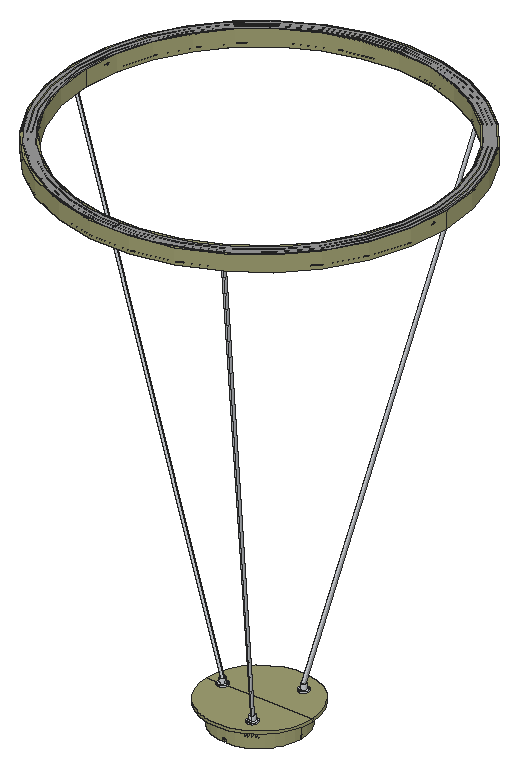
Revit family "_VRD__Vicky_Ring_Downward_ 50W_3000K_BR", category Lighting Fixtures, host Face, Revit 2022
Family settings
  Host = Face
  Round Connector Dimension = Use Diameter
  Part Type = Normal
  Cut with Voids When Loaded = No
  Light Source = Yes
  Maintain Annotation Orientation = No
  Shared = No
  Room Calculation Point = No
Parameters (values of type "VRD_50W_3000K_BR")
  Wattage Comments = "50W"
  Wattage = 28.6114 W
  built-in parameter 1150110 = 1 (stored number, unit not read)
  Voltage = "120-277 V"  # constant formula
  URL = "https://www.abovealllighting.com/product/LED-INDOOR-FIXTURE/Ring/VRDVickyRingDownwardLight.html"
  Type Comments = "Vicky Ring Downward Light"  # constant formula
  built-in parameter 1114217 = 1 (stored number, unit not read)
  Tilt Angle = -90.00°
  built-in parameter 1150109 = 1 (stored number, unit not read)
  built-in parameter 1150134 = (empty or 0)
  built-in parameter 1150113 = 1 (stored number, unit not read)
  Power Factor = 1
  Photometric Web File = "VRD-5035-30901.ies"
  Order number = "16312"
  Model = "VRD-5035-30901-ACPMK-BR"
  Manufacturer = "Above All Lighting"  # constant formula
  built-in parameter 1150105 = 338.2 (stored number, unit not read)
  Lumens = 4250 lm
  built-in parameter 1150115 = 1 (stored number, unit not read)
  Load Classification = Lighting
  built-in parameter 1150137 = (empty or 0)
  built-in parameter 1150139 = (empty or 0)
  built-in parameter 1150112 = 1 (stored number, unit not read)
  built-in parameter 1150114 = 1 (stored number, unit not read)
  Inside Body Material = none
  Inside Body = no
  Inner Diameter = (Fixture Diameter / 2) - 0' 1 77/256"  # 1' - 4 51/128"
  built-in parameter 1150132 = 2
  built-in parameter 1150102 = (empty or 0)
  built-in parameter 1150107 = 3000 (stored number, unit not read)
  built-in parameter 1150138 = (empty or 0)
  built-in parameter 1150106 = 3.382 (stored number, unit not read)
  IP Rating = "20"  # constant formula
  H2 = Fixture Height - Canopy Height - 0' 0 67/128"  # 3' - 9 61/128"
  H1 = sqrt((B2 ^ 2) + (H2 ^ 2))  # 3' - 11.5839"
  Fixture Width = 0' - 0"
  Fixture Height = 4' - 0"  # constant formula
  Fixture Diameter = 2' - 11 51/128"
  Finish/Color = Aluminum
  built-in parameter 1150104 = 13.8 (stored number, unit not read)
  Dimming Lamp Color Temperature Shift = <None>
  Dimming / Control = "0-10V"  # constant formula
  Description = "The Vicky Ring light is a unique ring-style light with an LED light source illuminating downward"  # constant formula
  Default Elevation = 0' - 0"
  D2 = D1 - 0' 1 1/2"  # 0' - 3 1/2"
  D1 = 0' - 5"
  Color Filter = 16777215
  Canopy Height = 0' - 2"
  CRI = "90"  # constant formula
  built-in parameter 1114218 = 1 (stored number, unit not read)
  B2 = B1 - B  # 1' - 2 1/256"
  B1 = (Fixture Diameter / 2) - 0' 0 25/128"  # 1' - 5 129/256"
  B = D1 - 0' 1 1/2"  # 0' - 3 1/2"
  Average life based on 77F(HRS) = "50000"  # constant formula
  built-in parameter 1150133 = 10 (stored number, unit not read)
  Apparent Load = 62.5 VA
Reference planes (in)
  plane 1 "Center (Front/Back)": y = 0
  plane 2: z = 0
  plane 3 "Center (Left/Right)": x = 0
  plane 4: z = 48
  plane 5: z = 2
  plane 6: x = -3.5
  plane 7: x = -17.50391
  plane 8: z = 49.5
  plane 9: y = -17.50391
  plane 10: y = 17.50391
  plane 11: y = 3.5
  plane 12: y = -3.5
  plane 13: through (0, 0, 48) normal (0.866, 0.5, 0)
  plane 14: through (3.45221, -5.9794, 48) normal (-0.5, 0.866, 0)
Forms (in)
  Revolve 1, solid, material "Aluminum" <- "Finish/Color"
    sketch origin (0, 0, 0) x (1, 0, 0) y (0, 0, 1)
      loop
        line (0, 2) -> (-5, 2) -> (-5, 1.75) -> (-4, 1.75) -> (-4, 0) -> (-3.5, 0) -> (-3.5, 1.75) -> (0, 1.75) -> (0, 2)
      axis (0, 2) -> (0, 0)
    angle from 0 to 360
  Extrusion 2, void
    sketch origin (0, 0, 0) x (1, 0, 0) y (0, 0, 1)
      loop
        line (1.54492, 0.93157) -> (1.65045, 0.93157)
        arc (1.65045, 0.93157) -> (1.66515, 0.93766) -> (1.67124, 0.95236) r 0.02079
        line (1.67124, 0.95236) -> (1.67124, 1.5478)
        arc (1.67124, 1.5478) -> (1.66528, 1.5622) -> (1.65088, 1.56816) r 0.02036
        line (1.65088, 1.56816) -> (1.5441, 1.56816)
        arc (1.5441, 1.56816) -> (1.53013, 1.56238) -> (1.52434, 1.5484) r 0.01976
        line (1.52434, 1.5484) -> (1.52434, 0.95215)
        arc (1.52434, 0.95215) -> (1.53037, 0.9376) -> (1.54492, 0.93157) r 0.02058
      loop
        line (1.79492, 0.93157) -> (1.90045, 0.93157)
        arc (1.90045, 0.93157) -> (1.91515, 0.93766) -> (1.92124, 0.95236) r 0.02079
        line (1.92124, 0.95236) -> (1.92124, 1.5478)
        arc (1.92124, 1.5478) -> (1.91528, 1.5622) -> (1.90088, 1.56816) r 0.02036
        line (1.90088, 1.56816) -> (1.7941, 1.56816)
        arc (1.7941, 1.56816) -> (1.78013, 1.56238) -> (1.77434, 1.5484) r 0.01976
        line (1.77434, 1.5484) -> (1.77434, 0.95215)
        arc (1.77434, 0.95215) -> (1.78037, 0.9376) -> (1.79492, 0.93157) r 0.02058
      loop
        line (2.04492, 0.93157) -> (2.15045, 0.93157)
        arc (2.15045, 0.93157) -> (2.16515, 0.93766) -> (2.17124, 0.95236) r 0.02079
        line (2.17124, 0.95236) -> (2.17124, 1.5478)
        arc (2.17124, 1.5478) -> (2.16528, 1.5622) -> (2.15088, 1.56816) r 0.02036
        line (2.15088, 1.56816) -> (2.0441, 1.56816)
        arc (2.0441, 1.56816) -> (2.03013, 1.56238) -> (2.02434, 1.5484) r 0.01976
        line (2.02434, 1.5484) -> (2.02434, 0.95215)
        arc (2.02434, 0.95215) -> (2.03037, 0.9376) -> (2.04492, 0.93157) r 0.02058
      loop
        line (2.29492, 0.93157) -> (2.40045, 0.93157)
        arc (2.40045, 0.93157) -> (2.41515, 0.93766) -> (2.42124, 0.95236) r 0.02079
        line (2.42124, 0.95236) -> (2.42124, 1.5478)
        arc (2.42124, 1.5478) -> (2.41528, 1.5622) -> (2.40088, 1.56816) r 0.02036
        line (2.40088, 1.56816) -> (2.2941, 1.56816)
        arc (2.2941, 1.56816) -> (2.28013, 1.56238) -> (2.27434, 1.5484) r 0.01976
        line (2.27434, 1.5484) -> (2.27434, 0.95215)
        arc (2.27434, 0.95215) -> (2.28037, 0.9376) -> (2.29492, 0.93157) r 0.02058
    from 0 to 20.83856
  Extrusion 3, void
    sketch origin (0, 0, 0) x (1, 0, 0) y (0, 0, 1)
      loop
        line (0, 0) -> (0.08323, 0) -> (0.08323, 0.26156) -> (0.08323, 0.35543) -> (-0.30219, 0.35543) -> (-0.30219, 0.23813) -> (-0.08323, 0.23813) -> (-0.08323, 0) -> (0, 0)
    from -19.89805 to 22.49483
  Extrusion 4, void
    sketch origin (2.25749, -0.20497, 0) x (0.008711, -0.999962, 0) y (0, 0, 1)
      loop
        line (0, 0) -> (0.08323, 0) -> (0.08323, 0.26156) -> (0.08323, 0.35543) -> (-0.30219, 0.35543) -> (-0.30219, 0.23813) -> (-0.08323, 0.23813) -> (-0.08323, 0) -> (0, 0)
    from -18.61827 to 21.80579
  Revolve 5, solid, material "Default New Material"
    sketch origin (0, 0, 0.00171) x (0, 1, 0) y (0, 0, 1)
      loop
        line (17.54839, 49.5) -> (16.54839, 49.5) -> (16.54839, 49.19531) -> (17.54839, 49.19531) -> (17.54839, 49.5)
      axis (0, 49.5) -> (0, 49.19531)
    angle from 0 to 360
Cuts and joins
  Extrusion 2, Extrusion 3, Extrusion 4 cuts Revolve 1
Dimensions and locks (in)
  locked: Revolve 1 sketch curve to Revolve 1 sketch curve at 0.25  (x2)
  locked: Revolve 1 sketch curve to Revolve 1 sketch curve at 0.5
  "D1": plane 3 "Center (Left/Right)" to Revolve 1 sketch curve
  "D2": plane 3 "Center (Left/Right)" to Revolve 1 sketch curve
  "Canopy Height": plane 5 to plane 2
  "B": plane 3 "Center (Left/Right)" to plane 6
  "B1": plane 3 "Center (Left/Right)" to plane 7
  "Fixture Height": plane 4 to plane 2
  locked: plane 8 to plane 4 at 1.5
  locked: plane 1 "Center (Front/Back)" to plane 12 at 3.5
  locked: plane 11 to plane 1 "Center (Front/Back)" at 3.5
  "B1": plane 1 "Center (Front/Back)" to plane 9
  "B1": plane 10 to plane 1 "Center (Front/Back)"
  locked: plane 13 to plane 14 (angle 90.00°)
  aligned and locked: plane 2 to host face
  aligned and locked: level to host face
  aligned and locked: Revolve 1 sketch curve to plane 3 "Center (Left/Right)"
  aligned and locked: Revolve 1 sketch curve to level
  aligned and locked: Extrusion 2 to plane 1 "Center (Front/Back)"
  aligned and locked: plane 3 "Center (Left/Right)" to nested 1
  aligned and locked: plane 1 "Center (Front/Back)" to nested 1
  aligned and locked: nested 1 to plane 5
  aligned and locked: plane 4 to imposter light
  aligned and locked: nested 1 to imposter light
Automatic sketch dimensions
  host sketch curve to host sketch curve = 8' - 0"  (x2)
  Extrusion 2 sketch curve to plane 5 = 0' - 0.4516"
  plane 3 "Center (Left/Right)" to Extrusion 2 sketch curve = 0' - 1.52434"
  Extrusion 2 sketch curve to Extrusion 2 sketch curve = 0' - 0.01976"  (x4)
  Extrusion 2 sketch curve to Extrusion 2 sketch curve = 0' - 0.02058"  (x4)
  Extrusion 2 sketch curve to Extrusion 2 sketch curve = 0' - 0.10554"  (x4)
  Extrusion 2 sketch curve to Extrusion 2 sketch curve = 0' - 0.10678"  (x4)
  Extrusion 2 sketch curve to Extrusion 2 sketch curve = 0' - 0.02079"  (x3)
  Extrusion 2 sketch curve to Extrusion 2 sketch curve = 0' - 0.10309"  (x3)
  Extrusion 2 sketch curve to Extrusion 2 sketch curve = 0' - 0.02036"
  Extrusion 2 sketch curve to plane 5 = 0' - 0.4522"
  Extrusion 2 sketch curve to Extrusion 2 sketch curve = 0' - 0.0006"  (x2)
  Extrusion 2 sketch curve to Extrusion 2 sketch curve = 0' - 0.59604"
  Extrusion 2 sketch curve to Extrusion 2 sketch curve = 0' - 0"  (x2)
  Extrusion 2 sketch curve to Extrusion 2 sketch curve = 0' - 0.00021"
  Extrusion 3 sketch curve to level = 0' - 0"
  Extrusion 3 sketch curve to plane 3 "Center (Left/Right)" = 0' - 0"
  Extrusion 3 sketch curve to Extrusion 3 sketch curve = 0' - 0.08323"
  Extrusion 3 sketch curve to Extrusion 3 sketch curve = 0' - 0.21896"
  plane 3 "Center (Left/Right)" to Extrusion 3 sketch curve = 0' - 0.08323"
  level to Extrusion 3 sketch curve = 0' - 0.23813"
  Extrusion 3 sketch curve to Extrusion 3 sketch curve = 0' - 0 3/128"
  Extrusion 3 sketch curve to Extrusion 3 sketch curve = 0' - 0.1173"
  Extrusion 4 sketch curve to level = 0' - 0"
  level to Extrusion 4 sketch curve = 0' - 0.35543"
  Extrusion 4 sketch curve to Extrusion 4 sketch curve = 0' - 0.21896"
  Extrusion 4 sketch curve to Extrusion 4 sketch curve = 0' - 0.08323"  (x2)
  Extrusion 4 sketch curve to Extrusion 4 sketch curve = 0' - 0.1173"
  Extrusion 4 sketch curve to Extrusion 4 sketch curve = 0' - 0.09386"
  Revolve 1 sketch curve to plane 3 "Center (Left/Right)" = 0' - 0"
  Revolve 1 sketch curve to level = 0' - 0"
  Revolve 1 sketch curve to plane 5 = 0' - 0"  (x2)
  plane 8 to Revolve 5 sketch curve = 0' - 0.00171"
  Revolve 5 sketch curve to plane 10 = 0' - 0.04448"
  Revolve 5 sketch curve to plane 8 = 0' - 0.30297"
  Revolve 5 sketch curve to Revolve 5 sketch curve = 0' - 1"
Nested families (in)
  nested 1: "Family7" at (0, 0, 2), BR <- "B", D2 <- "B1", Suspender Length <- "H2", Body Material <- "Finish/Color", type "Family7"
    with Suspender Length 3' - 9 61/128", No. of Bolt 3, D2 1' - 5 129/256", Body Material Aluminum, BR 0' - 3 1/2"
  nested 2: "Family2" at (0, 0, 48), Fixture Diameter <- "Fixture Diameter", FINISH <- "Finish/Color", type "Family2"
    with Fixture Diameter 2' - 11 51/128", FINISH Aluminum
Connectors (in)
  electrical at (0, 0, 0), driven by "Load Classification", driven by "Apparent Load", driven by "Power Factor"
    settings: on Revolve 1, index 1, voltage 0 V, apparent load 62.5 VA, apparent load phase1 0 VA, apparent load phase2 0 VA, apparent load phase3 0 VA, power factor 1, load classification "Lighting", number of poles 1, system type 30, power factor state 1, is connector primary yes, connector utility no, sub classification motor no, connector description ""
Definition of nested family "Family7"
  Parameters (values of type "Family7")
    Suspender Length [instance] = 3' - 0"
    No. of Bolt [instance] = 3
    Default Elevation = 0' - 0"
    D2 [instance] = 3' - 0"
    Body Material [instance] = none
    BR [instance] = 0' - 10"
  Reference planes (in)
    plane 1 "Center (Front/Back)": y = 0
    plane 2: z = 0
    plane 3 "Center (Left/Right)": x = 0
    plane 4: z = 0.52531
  Dimensions and locks (in)
    locked: plane 4 to plane 2 at 0.52531
    "BR": radius of radial array
    aligned and locked: plane 2 to level
    aligned and locked: plane 4 to nested 4
  Nested families (in)
    nested 1: "Family6" at (-10, 0, 0), type "Family6"
    nested 2: "Family6" at (5, -8.66025, 0) x (-0.5, 0.866, 0) z (0, 0, 1), type "Family6"
    nested 3: "Family6" at (5, 8.66025, 0) x (-0.5, -0.866, 0) z (0, 0, 1), type "Family6"
    nested 4: "Family5" at (0, 0, 0.5985), A1 <- "BR", D2 <- "D2", Suspender Height <- "Suspender Length", type "Family5"
      with Suspender Height 3' - 0", H1 3' - 8.40721", D3 2' - 2", D2 3' - 0", A1 0' - 10"
    nested 5: "Family5" at (0, 0, 0.5985) x (-0.5, 0.866, 0) z (0, 0, 1), A1 <- "BR", D2 <- "D2", Suspender Height <- "Suspender Length", type "Family5"
      with Suspender Height 3' - 0", H1 3' - 8.40721", D3 2' - 2", D2 3' - 0", A1 0' - 10"
    nested 6: "Family5" at (0, 0, 0.5985) x (-0.5, -0.866, 0) z (0, 0, 1), A1 <- "BR", D2 <- "D2", Suspender Height <- "Suspender Length", type "Family5"
      with Suspender Height 3' - 0", H1 3' - 8.40721", D3 2' - 2", D2 3' - 0", A1 0' - 10"
  Definition of nested family "Family6"
    Parameters
      Default Elevation = 0' - 0"
    Reference planes (in)
      plane 1 "Center (Front/Back)": y = 0
      plane 2: z = 0
      plane 3 "Center (Left/Right)": x = 0
    Forms (in)
      Revolve 1, solid
        sketch origin (0, 0, 0) x (1, 0, 0) y (0, 0, 1)
          loop
            line (0, 0) -> (0, 0.52531) -> (-0.25155, 0.52531) -> (-0.25155, 0.15262)
            arc (-0.25155, 0.15262) -> (-0.27805, 0.08864) -> (-0.34203, 0.06214) r 0.09048
            line (-0.34203, 0.06214) -> (-0.4769, 0.06214) -> (-0.4769, 0) -> (0, 0)
          axis (0, 0) -> (0, 0.52531)
        angle from 0 to 360
    Lines and regions (in)
      model lines
        curve 1: line (0, 0, 0.52531) -> (0, 0, 0)
    Dimensions and locks (in)
      aligned and locked: plane 2 to level
  Definition of nested family "Family5"
    Parameters (values of type "Family5")
      Suspender Height [instance] = 2' - 3.30679"
      H1 [instance] = sqrt(D3 ^ 2 + Suspender Height ^ 2)  # 3' - 1.49148"
      Default Elevation = 0' - 0"
      D3 [instance] = D2 - A1  # 2' - 1.6895"
      D2 [instance] = 3' - 0"
      A1 [instance] = 0' - 10.3105"
    Reference planes (in)
      plane 1 "Center (Front/Back)": y = 0
      plane 2: z = 0
      plane 3 "Center (Left/Right)": x = 0
      plane 4: x = -36
      plane 5: x = -10.3105
      plane 6: z = 27.30679
      plane 7: through (-10.3105, -180, 0) normal (-0.7071, 0, 0.7071)
    Forms (in)
      Sweep 1, solid
        path origin (0, 0, 0) x (1, 0, 0) y (0, 0, 1)
          loop
            line (-10.3105, 0) -> (-36, 27.30679)
        profile origin (-23.15525, 0, 13.65339) x (-0.728346, 0, -0.685209) y (0, -1, 0)
          loop
            circle (0, 0) r 0.125
    Dimensions and locks (in)
      "D2": plane 3 "Center (Left/Right)" to plane 4
      "A1": plane 3 "Center (Left/Right)" to plane 5
      "Suspender Height": plane 6 to plane 2
      "H1": Sweep 1 sketch curve to Sweep 1 sketch curve
      locked: Sweep 1 sketch curve to profile plane  (x2)
      aligned and locked: plane 2 to level
      aligned and locked: plane 2 to Sweep 1 sketch curve
      aligned and locked: plane 5 to Sweep 1 sketch curve
      aligned and locked: plane 4 to Sweep 1 sketch curve
    Automatic sketch dimensions
      radius of Sweep 1 sketch curve = 0' - 0 1/8"
Definition of nested family "Family2"
  Parameters (values of type "Family2")
    Fixture Diameter [instance] = 1' - 11.6"
    FINISH [instance] = none
    Default Elevation = 0' - 0"
  Reference planes (in)
    plane 1 "Center (Front/Back)": y = 0
    plane 2: z = 0
    plane 3 "Center (Left/Right)": x = 0
  Forms (in)
    Sweep 1, solid, material <- "FINISH"
      path origin (0, 0, 0) x (1, 0, 0) y (0, 1, 0)
        loop
          circle (0, 0) r 11.8
      profile origin (0, 11.8, 0) x (0, -1, 0) y (0, 0, 1)
        loop
          line (1.3, 0) -> (1.3, 1.5) -> (0.81492, 1.5) -> (0.81492, 1.375) -> (1.175, 1.375) -> (1.175, 1.19531) -> (0.65, 1.19531) -> (0.125, 1.19531) -> (0.125, 1.375) -> (0.48508, 1.375) -> (0.48508, 1.5) -> (0, 1.5) -> (0, 0) -> (0.10724, 0) -> (0.14914, 0.03516) -> (0.27481, 0.03516) -> (0.65, 0.03516) -> (1.02519, 0.03516) -> (1.15086, 0.03516) -> (1.19276, 0) -> (1.3, 0)
        loop
          line (1.175, 1.07031) -> (0.65, 1.07031) -> (0.125, 1.07031) -> (0.125, 0.82031) -> (0.65, 0.82031) -> (1.175, 0.82031) -> (1.175, 1.07031)
        loop
          line (1.175, 0.69531) -> (0.65, 0.69531) -> (0.125, 0.69531) -> (0.125, 0.21659) -> (0.15135, 0.19814) -> (0.125, 0.17602) -> (0.125, 0.13989) -> (0.19012, 0.13989) -> (0.19012, 0.10156) -> (0.65, 0.10156) -> (1.10988, 0.10156) -> (1.10988, 0.13989) -> (1.175, 0.13989) -> (1.175, 0.17602) -> (1.14865, 0.19814) -> (1.175, 0.21659) -> (1.175, 0.69531)
        loop
          line (1.175, 0.04966) -> (1.175, 0.08691) -> (0.125, 0.08691) -> (0.125, 0.04966) -> (1.175, 0.04966)
        loop
          line (0.46192, 1.39693) -> (0.46192, 1.48302) -> (0.0209, 1.48302) -> (0.0209, 0.02248) -> (0.11163, 0.02248) -> (0.11163, 0.17472) -> (0.13914, 0.1978) -> (0.11163, 0.21706) -> (0.11163, 0.71118) -> (1.19087, 0.71118) -> (1.19087, 0.2182) -> (1.16521, 0.20023) -> (1.19087, 0.1787) -> (1.19087, 0.02248) -> (1.27345, 0.02248) -> (1.27345, 1.48302) -> (0.83681, 1.48302) -> (0.83681, 1.39693) -> (1.19087, 1.39693) -> (1.19087, 1.17007) -> (0.11163, 1.17007) -> (0.11163, 1.39693) -> (0.46192, 1.39693)
        loop
          line (1.19087, 0.79942) -> (1.19087, 1.08714) -> (0.11163, 1.08714) -> (0.11163, 0.79942) -> (1.19087, 0.79942)
  Dimensions and locks (in)
    "Fixture Diameter": diameter of Sweep 1 sketch curve
    aligned and locked: plane 2 to level
  Automatic sketch dimensions
    Sweep 1 sketch curve to level = 0' - 0"  (x2)
    Sweep 1 sketch curve to profile plane = 0' - 1.3"
    Sweep 1 sketch curve to profile plane = 0' - 1 35/128"
    Sweep 1 sketch curve to Sweep 1 sketch curve = 0' - 0.08069"
    Sweep 1 sketch curve to Sweep 1 sketch curve = 0' - 0.00189"
    Sweep 1 sketch curve to profile plane = 0' - 1.19087"  (x2)
    Sweep 1 sketch curve to Sweep 1 sketch curve = 0' - 0"  (x7)
    Sweep 1 sketch curve to Sweep 1 sketch curve = 0' - 0.01587"  (x5)
    Sweep 1 sketch curve to Sweep 1 sketch curve = 0' - 0.00979"
    Sweep 1 sketch curve to Sweep 1 sketch curve = 0' - 0.02414"  (x2)
    Sweep 1 sketch curve to Sweep 1 sketch curve = 0' - 0.01656"
    Sweep 1 sketch curve to Sweep 1 sketch curve = 0' - 0.06512"
    level to Sweep 1 sketch curve = 0' - 0 9/256"
    Sweep 1 sketch curve to Sweep 1 sketch curve = 0' - 0.0847"  (x2)
    Sweep 1 sketch curve to Sweep 1 sketch curve = 0' - 0.33819"
    Sweep 1 sketch curve to Sweep 1 sketch curve = 0' - 0.02189"
    level to Sweep 1 sketch curve = 0' - 0 13/128"
    Sweep 1 sketch curve to Sweep 1 sketch curve = 0' - 0.37519"  (x2)
    Sweep 1 sketch curve to Sweep 1 sketch curve = 0' - 0.16492"  (x2)
    Sweep 1 sketch curve to Sweep 1 sketch curve = 0' - 0.02316"
    level to Sweep 1 sketch curve = 0' - 0.19814"
    Sweep 1 sketch curve to Sweep 1 sketch curve = 0' - 0.03876"
    Sweep 1 sketch curve to Sweep 1 sketch curve = 0' - 0.04098"
    level to Sweep 1 sketch curve = 0' - 0.1978"
    Sweep 1 sketch curve to Sweep 1 sketch curve = 0' - 0.01222"
    Sweep 1 sketch curve to Sweep 1 sketch curve = 0' - 0.33692"
    Sweep 1 sketch curve to Sweep 1 sketch curve = 0' - 0.01414"
    Sweep 1 sketch curve to Sweep 1 sketch curve = 0' - 0.01337"  (x4)
    level to Sweep 1 sketch curve = 0' - 0.17472"
    Sweep 1 sketch curve to Sweep 1 sketch curve = 0' - 0.00439"
    level to Sweep 1 sketch curve = 0' - 0.02248"  (x2)
    Sweep 1 sketch curve to Sweep 1 sketch curve = 0' - 0.08634"
    Sweep 1 sketch curve to Sweep 1 sketch curve = 0' - 0.0209"  (x2)
    Sweep 1 sketch curve to Sweep 1 sketch curve = 0' - 0.0145"
    Sweep 1 sketch curve to Sweep 1 sketch curve = 0' - 0.03726"
    Sweep 1 sketch curve to Sweep 1 sketch curve = 0' - 0.05297"
    Sweep 1 sketch curve to Sweep 1 sketch curve = 0' - 0.03483"
    Sweep 1 sketch curve to Sweep 1 sketch curve = 0' - 0.00131"
    Sweep 1 sketch curve to Sweep 1 sketch curve = 0' - 0.03614"
    Sweep 1 sketch curve to Sweep 1 sketch curve = 0' - 0.00268"
    Sweep 1 sketch curve to Sweep 1 sketch curve = 0' - 0.02211"
    Sweep 1 sketch curve to Sweep 1 sketch curve = 0' - 0.0021"
    Sweep 1 sketch curve to Sweep 1 sketch curve = 0' - 0.01636"
    Sweep 1 sketch curve to Sweep 1 sketch curve = 0' - 0.01879"
    Sweep 1 sketch curve to Sweep 1 sketch curve = 0' - 0.00047"
    Sweep 1 sketch curve to Sweep 1 sketch curve = 0' - 0.00161"
    Sweep 1 sketch curve to Sweep 1 sketch curve = 0' - 0.47711"
    Sweep 1 sketch curve to Sweep 1 sketch curve = 0' - 0.01586"
    Sweep 1 sketch curve to Sweep 1 sketch curve = 0' - 0.08824"
    Sweep 1 sketch curve to Sweep 1 sketch curve = 0' - 0 1/4"
    Sweep 1 sketch curve to Sweep 1 sketch curve = 0' - 0.01682"
    Sweep 1 sketch curve to Sweep 1 sketch curve = 0' - 0.08293"
    Sweep 1 sketch curve to Sweep 1 sketch curve = 0' - 0.02524"
    Sweep 1 sketch curve to Sweep 1 sketch curve = 0' - 0 23/128"  (x2)
    Sweep 1 sketch curve to Sweep 1 sketch curve = 0' - 0.02193"  (x2)
    Sweep 1 sketch curve to Sweep 1 sketch curve = 0' - 0.08609"  (x2)
    Sweep 1 sketch curve to Sweep 1 sketch curve = 0' - 0.01698"  (x2)
    plane 1 "Center (Front/Back)" to Sweep 1 sketch curve = 0' - 0"
    Sweep 1 sketch curve to plane 3 "Center (Left/Right)" = 0' - 0"
